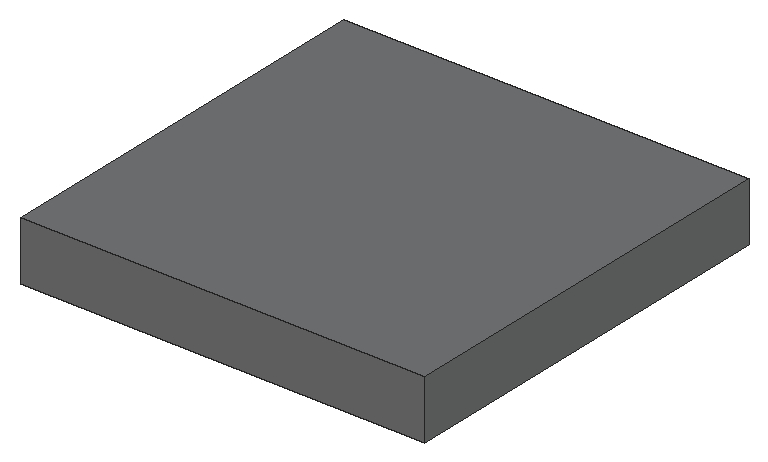
Revit family "Gira_536326", category Electrical Fixtures, host Face, Revit 2017
Family settings
  Host = Face
  Maintain Annotation Orientation = No
  Round Connector Dimension = Use Diameter
  Part Type = Normal
  Cut with Voids When Loaded = No
  Shared = No
  Room Calculation Point = No
Parameters (values of type "S3000 op.top Memory System 55 c.alum.")
  With LED indication = "No"
  URL = "http://katalog.gira.de/en/datenblatt.html?artikelnr=536326"
  Transparent = "No"
  Suitable for application with venetian shutter switch = "Yes"
  Suitable for application with switch = "No"
  Suitable for application with dimmer = "No"
  Number of actuation points = "4"
  Name = "S3000 op.top Memory System 55 c.alum."
  Manufacturer URL = "https://www.gira.de/"
  Manufacturer = "Gira"
  Keynote = ""
  HeinzeBIM = "https://bimportal.heinze.de/bim/s3000-op-top-memory-system-55-c-alum-/9f202e911d8f89eae7fd4a42a35ff853ce25b1ac"
  HAN = "536326"
  GTIN = "4010337027362"
  Description = "S3000 op.top Memory Sys55 CAl,System 3000 operating top unit Memory,,colour aluminium,Features:,- Save a time for raising and lowering blinds or a switch-on and switch-off time. In memory mode, these switching times are repeated every 24 hours.,- The blocking function blocks operation of the auxiliary unit and deactivates memory mode.,- Adjustbable night mode. Status LED and function LED are not lit up continuously."
  Default Elevation = 1219.2 mm
  Data sheet (1) = "https://katalog.gira.de/en/download.html?artikelnr=536326"
  Category = "Intelligent control element"
  BIM (1) = "https://media.stage.bim.site/public/gira/36a6b08/Sys55_Abdeckung_Schalten und Tasten.rfa?public/gira/36a6b08/Sys55_Abdeckung_Schalten und Tasten.rfa"
  Available = "No"
  Application = "Control of electrical users"
  Anthrazit [instance] = Anthrazit
Reference planes
  plane 1 "Center (Front/Back)": y = 0
  plane 2: z = 0
  plane 3 "Center (Left/Right)": x = 0
Forms (mm)
  Extrusion 1, solid, material "Anthrazit" <- "Anthrazit", detail levels fine
    sketch origin (0, 0, 0) x (1, 0, 0) y (0, 1, 0)
      loop
        line (-27.5, 27.5) -> (-27.5, -27.5) -> (27.5, -27.5) -> (27.5, 27.5) -> (-27.5, 27.5)
    from 0 to 8
  Extrusion 2, void
    sketch origin (0, 0, 0) x (1, 0, 0) y (0, 1, 0)
      loop
        line (26, 26) -> (-26, 26) -> (-26, -26) -> (26, -26) -> (26, 26)
    from 0 to 6
  Extrusion 3, solid, material "Anthrazit" <- "Anthrazit", detail levels medium
    sketch origin (0, 0, 0) x (1, 0, 0) y (0, 1, 0)
      loop
        line (-27.5, 27.5) -> (-27.5, -27.5) -> (27.5, -27.5) -> (27.5, 27.5) -> (-27.5, 27.5)
    from 0 to 8
  Extrusion 4, solid, material "Anthrazit" <- "Anthrazit", detail levels medium
    sketch origin (0, 0, 0) x (1, 0, 0) y (0, 1, 0)
      loop
        line (11, -17.5) -> (11, 17.5) -> (-11, 17.5) -> (-11, -17.5) -> (11, -17.5)
    from -6 to 6
  Extrusion 5, solid, material "Anthrazit" <- "Anthrazit", detail levels fine
    sketch origin (0, 0, 0) x (1, 0, 0) y (0, 1, 0)
      loop
        line (11, 17.5) -> (-11, 17.5) -> (-11, 16.5) -> (11, 16.5) -> (11, 17.5)
      loop
        line (-11, -16.5) -> (-11, -17.5) -> (11, -17.5) -> (11, -16.5) -> (-11, -16.5)
    from -4 to 6
  Extrusion 6, solid, material "Anthrazit" <- "Anthrazit", detail levels fine
    sketch origin (0, 0, 0) x (1, 0, 0) y (0, 1, 0)
      loop
        arc (5, 9.347) -> (0, 10.6) -> (-5, 9.347) r 10.6
        line (-5, 9.347) -> (-5, -9.347)
        arc (-5, -9.347) -> (0, -10.6) -> (5, -9.347) r 10.6
        line (5, -9.347) -> (5, 9.347)
    from -6 to 6
  Extrusion 7, solid, material "Anthrazit" <- "Anthrazit", detail levels coarse
    sketch origin (0, 0, 0) x (1, 0, 0) y (0, 1, 0)
      loop
        line (-27.5, 27.5) -> (-27.5, -27.5) -> (27.5, -27.5) -> (27.5, 27.5) -> (-27.5, 27.5)
    from -6 to 8
Cuts and joins
  Extrusion 2 cuts Extrusion 1
Dimensions and locks
  aligned and locked: plane 2 to host face
  aligned and locked: level to host face
